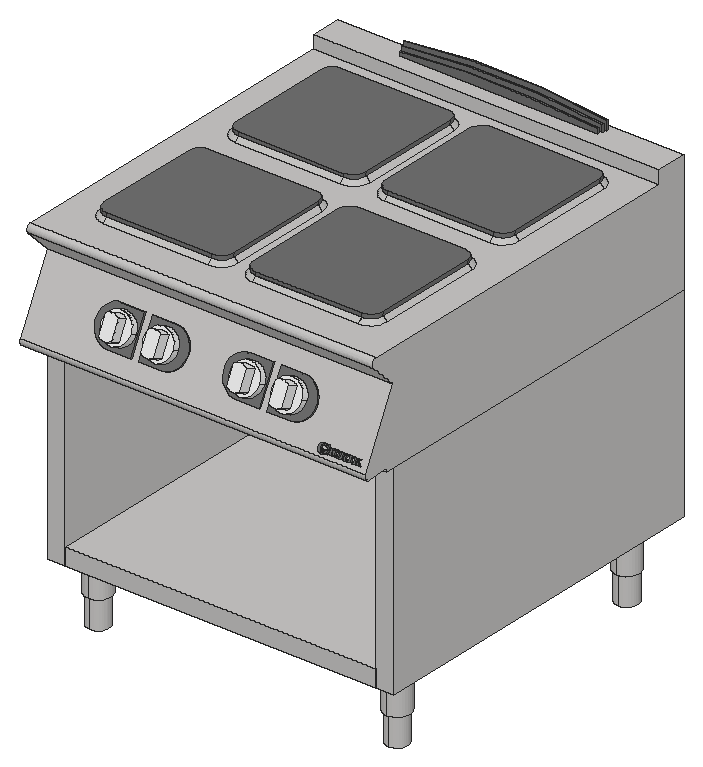
Revit family "QF_GIORIK_CE94QG", category Specialty Equipment, Revit 2014
Parameters (values of type "CE94QG")
  Weight in Pounds = 253.5313
  Watts = 16000 W
  Volts = 400 V
  URL Cutsheet = "www.giorik.com"
  URL = "www.giorik.com"
  Status [instance] = ""
  Specification by User [instance] = ""
  Specification by Manufacturer = ""
  Show Logo [instance] = yes
  Show Clearance [instance] = yes
  Serial Number = ""
  Seismic Rating = ""
  SMACNA No = ""
  Revision Code [instance] = ""
  Phase = 3
  Number of Poles [instance] = 3
  NAFEM Spec ID Number = ""
  Model = "CE94QG"
  Min Ckt Ampacity = 0 A
  Max Overcurrent Protection = 0 A
  Masterspec = ""
  Manufacturer = "GIORIK"
  Item Number [instance] = ""
  Installed By [instance] = ""
  Identify Quantity as Lot [instance] = no
  HP = "21.456320000000"
  Furnished By [instance] = ""
  Foodservice Equipment Identifier [instance] = yes
  FL Amps = 0 A
  Electrical Remarks [instance] = ""
  Electric Connection Type [instance] = ""
  Elec Conn RI Height [instance] = 0 mm
  Elec Conn Connection Height [instance] = 150 mm
  Description = "4 ELECTRIC PLATE HOB ON OPEN BASE UNIT"
  Cycle = 50 Hz
  Conn Plug = ""
  CSI MasterFormat = ""
  Assembly Code = "E1090320"
  Apparent Power = 16000 VA
Reference planes
  plane 1 "Back": y = 0
  plane 2: z = 0
  plane 3 "Left": x = 0
  plane 4 "Right": x = 800
  plane 5 "Front": y = -920
  plane 6 "Top": z = 900
Forms (mm)
  Extrusion 1, solid, visible <- "Show Logo"
    sketch origin (591.604, -936.624, 609.486) x (-1, 0, 0) y (0, 0.452718, 0.891654)
      loop
        line (-118.824, 58.358) -> (-127.804, 58.358) -> (-125.523, 56.445) -> (-125.523, 48.027) -> (-127.804, 46.113) -> (-118.824, 46.113) -> (-121.105, 48.027) -> (-121.105, 56.445) -> (-118.824, 58.358)
      loop
        line (-163.721, 58.358) -> (-172.7, 58.358) -> (-170.42, 56.445) -> (-170.42, 48.027) -> (-172.7, 46.113) -> (-163.721, 46.113) -> (-166.001, 48.027) -> (-166.001, 56.445) -> (-163.721, 58.358)
      loop
        line (-174.332, 58.358) -> (-183.312, 58.358) -> (-181.031, 56.445) -> (-181.031, 52.435) -> (-186.419, 56.955) -> (-184.416, 58.358) -> (-191.268, 58.358) -> (-188.01, 56.839) -> (-185.455, 54.283) -> (-190.846, 47.858) -> (-193.396, 46.93) -> (-193.396, 46.113) -> (-184.416, 46.113) -> (-185.437, 47.571) -> (-182.443, 51.552) -> (-181.031, 50.894) -> (-181.031, 48.027) -> (-183.312, 46.113) -> (-174.332, 46.113) -> (-176.613, 48.027) -> (-176.613, 56.445) -> (-174.332, 58.358)
      loop
        line (-115.429, 62.063) -> (-115.429, 54.198)
        arc (-115.429, 54.198) -> (-111.618, 57.803) -> (-106.847, 59.986) r 16.039
        arc (-106.847, 59.986) -> (-103.314, 59.837) -> (-100.512, 57.68) r 5.851
        arc (-100.512, 57.68) -> (-98.815, 52.267) -> (-100.512, 46.853) r 9.479
        arc (-100.512, 46.853) -> (-102.406, 44.986) -> (-104.846, 43.93) r 7.236
        arc (-104.846, 43.93) -> (-107.728, 44.111) -> (-110.052, 45.825) r 5.11
        line (-110.052, 45.825) -> (-110.052, 52.001) -> (-116.141, 52.001) -> (-116.141, 45.503) -> (-117.893, 43.751) -> (-114.094, 44.769)
        arc (-114.094, 44.769) -> (-112.56, 44.947) -> (-111.129, 44.366) r 3.115
        arc (-111.129, 44.366) -> (-104.216, 42.091) -> (-97.303, 44.366) r 11.641
        arc (-97.303, 44.366) -> (-93.396, 52.107) -> (-97.303, 59.849) r 9.622
        arc (-97.303, 59.849) -> (-104.369, 62.174) -> (-111.435, 59.849) r 11.898
        line (-111.435, 59.849) -> (-115.429, 62.063)
      loop
        arc (-129.234, 56.068) -> (-135.893, 58.628) -> (-142.552, 56.068) r 9.941
        arc (-142.552, 56.068) -> (-144.234, 52.286) -> (-142.552, 48.505) r 5.093
        arc (-142.552, 48.505) -> (-135.893, 45.945) -> (-129.234, 48.505) r 9.941
        arc (-129.234, 48.505) -> (-127.552, 52.286) -> (-129.234, 56.068) r 5.093
      loop
        arc (-132.628, 54.403) -> (-135.893, 57.668) -> (-139.158, 54.403) r 3.265
        line (-139.158, 54.403) -> (-139.158, 50.169)
        arc (-139.158, 50.169) -> (-135.893, 46.904) -> (-132.628, 50.169) r 3.265
        line (-132.628, 50.169) -> (-132.628, 54.403)
      loop
        arc (-156.363, 58.365) -> (-159.647, 55.081) -> (-156.363, 51.796) r 3.285
        line (-156.363, 51.796) -> (-159.529, 47.306) -> (-162.087, 46.113) -> (-155.847, 46.113) -> (-153.529, 51.083) -> (-150.637, 51.083) -> (-150.637, 47.784) -> (-153.022, 46.113) -> (-144.011, 46.113) -> (-146.094, 47.68) -> (-146.094, 56.493) -> (-144.229, 58.365) -> (-156.363, 58.365)
      loop
        line (-150.637, 57.512) -> (-153.637, 57.512)
        arc (-153.637, 57.512) -> (-156.237, 54.912) -> (-153.637, 52.312) r 2.6
        line (-153.637, 52.312) -> (-150.637, 52.312) -> (-150.637, 57.512)
      loop
        line (-108.924, 52.001) -> (-104.936, 49.005) -> (-100.948, 52.001) -> (-108.924, 52.001)
    from 1.5 to -0.5
  Extrusion 2, solid
    sketch origin (-16, 1025.948, 0) x (1, 0, 0) y (0, 1, 0)
      loop
        line (25, -1086.81) -> (25, -1156.81) -> (115, -1156.81) -> (115, -1086.81) -> (25, -1086.81)
    from 148 to 150
  Extrusion 3, solid
    sketch origin (-4, 0.138, 130) x (1, 0, 0) y (0, 1, 0)
      loop
        circle (54, -385) r 12.5
    from 0 to 20
  Extrusion 4, solid
    sketch origin (0, 800.138, -20) x (0, 1, 0) y (0, 0, 1)
      loop
        line (-800.138, 919.988) -> (-870.138, 919.988) -> (-870.138, 889.988) -> (-1688.806, 889.988)
        arc (-1688.806, 889.988) -> (-1699.151, 883.075) -> (-1696.724, 870.873) r 11.197
        line (-1696.724, 870.873) -> (-1640.876, 815.025) -> (-1718.948, 661.258)
        arc (-1718.948, 661.258) -> (-1718.233, 650.105) -> (-1708.118, 645.354) r 10.981
        line (-1708.118, 645.354) -> (-1660, 649.925) -> (-1660, 640) -> (-800.138, 640) -> (-800.138, 919.988)
    from 0 to 800
  Extrusion 5, solid
    sketch origin (0, -199.862, 599.536) x (1, 0, 0) y (0, 1, 0)
      loop
        line (0, -640) -> (40, -640) -> (40, 159.862) -> (760, 159.862) -> (760, -640) -> (800, -640) -> (800, 199.862) -> (0, 199.862) -> (0, -640)
    from -449.536 to 20.464
  Extrusion 6, solid
    sketch origin (0, -199.862, 0) x (1, 0, 0) y (0, 1, 0)
      loop
        line (40, 159.862) -> (40, -640) -> (760, -640) -> (760, 159.862) -> (40, 159.862)
    from 150 to 190
  Extrusion 7, solid
    sketch origin (-16, 360.948, 0) x (1, 0, 0) y (0, 1, 0)
      loop
        line (25, -1086.81) -> (25, -1156.81) -> (115, -1156.81) -> (115, -1086.81) -> (25, -1086.81)
    from 148 to 150
  Revolve 8, solid
    sketch origin (54, 360.948, 0) x (0, 1, 0) y (0, 0, 1)
      loop
        line (-1092.56, 66) -> (-1092.56, 148) -> (-1121.81, 148) -> (-1121.81, 0) -> (-1096.81, 0) -> (-1096.81, 66) -> (-1092.56, 66)
      axis (-1121.81, 0) -> (-1121.81, 148)
    angle from 0 to 360
  Revolve 9, solid
    sketch origin (54, 1025.948, 0) x (0, 1, 0) y (0, 0, 1)
      loop
        line (-1092.56, 66) -> (-1092.56, 148) -> (-1121.81, 148) -> (-1121.81, 0) -> (-1096.81, 0) -> (-1096.81, 66) -> (-1092.56, 66)
      axis (-1121.81, 0) -> (-1121.81, 148)
    angle from 0 to 360
  Extrusion 10, solid
    sketch origin (816, 360.948, 0) x (-1, 0, 0) y (0, -1, 0)
      loop
        line (25, 1086.81) -> (115, 1086.81) -> (115, 1156.81) -> (25, 1156.81) -> (25, 1086.81)
    from 148 to 150
  Revolve 11, solid
    sketch origin (746, 360.948, 0) x (0, 1, 0) y (0, 0, -1)
      loop
        line (-1092.56, -66) -> (-1096.81, -66) -> (-1096.81, 0) -> (-1121.81, 0) -> (-1121.81, -148) -> (-1092.56, -148) -> (-1092.56, -66)
      axis (-1121.81, 0) -> (-1121.81, -148)
    angle from 0 to 360
  Extrusion 12, solid
    sketch origin (816, -1217.672, 0) x (-1, 0, 0) y (0, -1, 0)
      loop
        line (25, -1086.81) -> (25, -1156.81) -> (115, -1156.81) -> (115, -1086.81) -> (25, -1086.81)
    from 148 to 150
  Revolve 13, solid
    sketch origin (746, -1217.672, 0) x (0, -1, 0) y (0, 0, 1)
      loop
        line (-1092.56, 66) -> (-1092.56, 148) -> (-1121.81, 148) -> (-1121.81, 0) -> (-1096.81, 0) -> (-1096.81, 66) -> (-1092.56, 66)
      axis (-1121.81, 0) -> (-1121.81, 148)
    angle from 0 to 360
  Extrusion 14, solid
    sketch origin (-220.755, -1163.208, 52.363) x (1, 0, 0) y (0, 0.452718, 0.891654)
      loop
        line (463.221, 676.25) -> (463.221, 766.25) -> (409.698, 766.25)
        arc (409.698, 766.25) -> (364.698, 721.25) -> (409.698, 676.25) r 45
        line (409.698, 676.25) -> (463.221, 676.25)
    from 48 to 50
  Extrusion 15, solid
    sketch origin (553.797, -1208.559, 74.959) x (-1, 0, 0) y (0, -0.45351, -0.891251)
      loop
        circle (351.331, -721.346) r 35
    from 0 to 15
  Extrusion 16, solid
    sketch origin (553.797, -1208.559, 74.959) x (-1, 0, 0) y (0, -0.45351, -0.891251)
      loop
        arc (336.331, -743.846) -> (351.331, -748.846) -> (366.331, -743.846) r 25
        line (366.331, -743.846) -> (366.331, -698.846)
        arc (366.331, -698.846) -> (351.331, -693.846) -> (336.331, -698.846) r 25
        line (336.331, -698.846) -> (336.331, -743.846)
    from 15 to 40
  Extrusion 17, solid
    sketch origin (723.221, -1163.208, 52.363) x (-1, 0, 0) y (0, -0.452718, -0.891654)
      loop
        line (463.221, -676.25) -> (409.698, -676.25)
        arc (409.698, -676.25) -> (364.698, -721.25) -> (409.698, -766.25) r 45
        line (409.698, -766.25) -> (463.221, -766.25) -> (463.221, -676.25)
    from 48 to 50
  Extrusion 18, solid
    sketch origin (-51.331, -1208.559, 74.959) x (1, 0, 0) y (0, 0.45351, 0.891251)
      loop
        circle (351.331, 721.346) r 35
    from 0 to 15
  Extrusion 19, solid
    sketch origin (-51.331, -1208.559, 74.959) x (1, 0, 0) y (0, 0.45351, 0.891251)
      loop
        line (336.331, 743.846) -> (336.331, 698.846)
        arc (336.331, 698.846) -> (351.331, 693.846) -> (366.331, 698.846) r 25
        line (366.331, 698.846) -> (366.331, 743.846)
        arc (366.331, 743.846) -> (351.331, 748.846) -> (336.331, 743.846) r 25
    from 15 to 40
  Extrusion 20, solid
    sketch origin (76.779, -1163.208, 52.363) x (1, 0, 0) y (0, 0.452718, 0.891654)
      loop
        line (463.221, 676.25) -> (463.221, 766.25) -> (409.698, 766.25)
        arc (409.698, 766.25) -> (364.698, 721.25) -> (409.698, 676.25) r 45
        line (409.698, 676.25) -> (463.221, 676.25)
    from 48 to 50
  Extrusion 21, solid
    sketch origin (851.331, -1208.559, 74.959) x (-1, 0, 0) y (0, -0.45351, -0.891251)
      loop
        circle (351.331, -721.346) r 35
    from 0 to 15
  Extrusion 22, solid
    sketch origin (851.331, -1208.559, 74.959) x (-1, 0, 0) y (0, -0.45351, -0.891251)
      loop
        arc (336.331, -743.846) -> (351.331, -748.846) -> (366.331, -743.846) r 25
        line (366.331, -743.846) -> (366.331, -698.846)
        arc (366.331, -698.846) -> (351.331, -693.846) -> (336.331, -698.846) r 25
        line (336.331, -698.846) -> (336.331, -743.846)
    from 15 to 40
  Extrusion 23, solid
    sketch origin (1020.755, -1163.208, 52.363) x (-1, 0, 0) y (0, -0.452718, -0.891654)
      loop
        line (463.221, -676.25) -> (409.698, -676.25)
        arc (409.698, -676.25) -> (364.698, -721.25) -> (409.698, -766.25) r 45
        line (409.698, -766.25) -> (463.221, -766.25) -> (463.221, -676.25)
    from 48 to 50
  Extrusion 24, solid
    sketch origin (246.203, -1208.559, 74.959) x (1, 0, 0) y (0, 0.45351, 0.891251)
      loop
        circle (351.331, 721.346) r 35
    from 0 to 15
  Extrusion 25, solid
    sketch origin (246.203, -1208.559, 74.959) x (1, 0, 0) y (0, 0.45351, 0.891251)
      loop
        line (336.331, 743.846) -> (336.331, 698.846)
        arc (336.331, 698.846) -> (351.331, 693.846) -> (366.331, 698.846) r 25
        line (366.331, 698.846) -> (366.331, 743.846)
        arc (366.331, 743.846) -> (351.331, 748.846) -> (336.331, 743.846) r 25
    from 15 to 40
  Extrusion 26, solid
    sketch origin (36.031, 0, -10.001) x (1, 0, 0) y (0, 0, 1)
      loop
        line (135, 909.989) -> (592.969, 909.989) -> (592.969, 919.989) -> (440.969, 929.989) -> (287, 929.989) -> (135, 919.989) -> (135, 909.989)
    from 32 to 35
  Extrusion 27, solid
    sketch origin (38, 10, -10.001) x (1, 0, 0) y (0, 0, 1)
      loop
        line (594, 909.989) -> (594, 924.989) -> (440, 937.489) -> (284, 937.489) -> (130, 925.001) -> (130, 909.989) -> (594, 909.989)
    from 32 to 35
  Extrusion 28, solid
    sketch origin (40, 20, -10.001) x (1, 0, 0) y (0, 0, 1)
      loop
        line (595, 909.989) -> (595, 930.001) -> (439, 945.258) -> (281, 945.258) -> (125, 929.989) -> (125, 909.989) -> (595, 909.989)
    from 32 to 35
  Extrusion 29, solid
    sketch origin (37, 2.638, 864.988) x (0, 1, 0) y (-1, 0, 0)
      loop
        arc (-121.5, -68) -> (-129.701, -48.201) -> (-149.5, -40) r 28
        line (-149.5, -40) -> (-393.5, -40)
        arc (-393.5, -40) -> (-413.299, -48.201) -> (-421.5, -68) r 28
        line (-421.5, -68) -> (-421.5, -311.998)
        arc (-421.5, -311.998) -> (-413.299, -331.797) -> (-393.5, -339.998) r 28
        line (-393.5, -339.998) -> (-149.5, -339.998)
        arc (-149.5, -339.998) -> (-129.701, -331.797) -> (-121.5, -311.998) r 28
        line (-121.5, -311.998) -> (-121.5, -68)
    from 23 to 15
  Blend 30, solid
    base sketch origin (781.36, -819.867, 869.988) x (0, 1, 0) y (-1, 0, 0)
      loop
        arc (710.004, 676.36) -> (699.167, 702.523) -> (673.004, 713.36) r 37
        line (673.004, 713.36) -> (429.004, 713.36)
        arc (429.004, 713.36) -> (402.841, 702.523) -> (392.004, 676.36) r 37
        line (392.004, 676.36) -> (392.004, 432.362)
        arc (392.004, 432.362) -> (402.841, 406.199) -> (429.004, 395.362) r 37
        line (429.004, 395.362) -> (673.004, 395.362)
        arc (673.004, 395.362) -> (699.167, 406.199) -> (710.004, 432.362) r 37
        line (710.004, 432.362) -> (710.004, 676.36)
    top sketch origin (781.36, -819.867, 900) x (0, 1, 0) y (-1, 0, 0)
      loop
        arc (701.004, 676.36) -> (692.803, 696.159) -> (673.004, 704.36) r 28
        line (673.004, 704.36) -> (429.004, 704.36)
        arc (429.004, 704.36) -> (409.205, 696.159) -> (401.004, 676.36) r 28
        line (401.004, 676.36) -> (401.004, 432.362)
        arc (401.004, 432.362) -> (409.205, 412.563) -> (429.004, 404.362) r 28
        line (429.004, 404.362) -> (673.004, 404.362)
        arc (673.004, 404.362) -> (692.803, 412.563) -> (701.004, 432.362) r 28
        line (701.004, 432.362) -> (701.004, 676.36)
    from 0 to -20.012
  Extrusion 31, solid
    sketch origin (37, -922.362, 864.988) x (0, -1, 0) y (1, 0, 0)
      loop
        line (-121.5, 68) -> (-121.5, 311.998)
        arc (-121.5, 311.998) -> (-129.701, 331.797) -> (-149.5, 339.998) r 28
        line (-149.5, 339.998) -> (-393.5, 339.998)
        arc (-393.5, 339.998) -> (-413.299, 331.797) -> (-421.5, 311.998) r 28
        line (-421.5, 311.998) -> (-421.5, 68)
        arc (-421.5, 68) -> (-413.299, 48.201) -> (-393.5, 40) r 28
        line (-393.5, 40) -> (-149.5, 40)
        arc (-149.5, 40) -> (-129.701, 48.201) -> (-121.5, 68) r 28
    from 23 to 15
  Blend 32, solid
    base sketch origin (781.36, -99.858, 869.988) x (0, -1, 0) y (1, 0, 0)
      loop
        line (710.004, -676.36) -> (710.004, -432.362)
        arc (710.004, -432.362) -> (699.167, -406.199) -> (673.004, -395.362) r 37
        line (673.004, -395.362) -> (429.004, -395.362)
        arc (429.004, -395.362) -> (402.841, -406.199) -> (392.004, -432.362) r 37
        line (392.004, -432.362) -> (392.004, -676.36)
        arc (392.004, -676.36) -> (402.841, -702.523) -> (429.004, -713.36) r 37
        line (429.004, -713.36) -> (673.004, -713.36)
        arc (673.004, -713.36) -> (699.167, -702.523) -> (710.004, -676.36) r 37
    top sketch origin (781.36, -99.858, 900) x (0, -1, 0) y (1, 0, 0)
      loop
        line (701.004, -676.36) -> (701.004, -432.362)
        arc (701.004, -432.362) -> (692.803, -412.563) -> (673.004, -404.362) r 28
        line (673.004, -404.362) -> (429.004, -404.362)
        arc (429.004, -404.362) -> (409.205, -412.563) -> (401.004, -432.362) r 28
        line (401.004, -432.362) -> (401.004, -676.36)
        arc (401.004, -676.36) -> (409.205, -696.159) -> (429.004, -704.36) r 28
        line (429.004, -704.36) -> (673.004, -704.36)
        arc (673.004, -704.36) -> (692.803, -696.159) -> (701.004, -676.36) r 28
    from 0 to -20.012
  Extrusion 33, solid
    sketch origin (763, 2.638, 864.988) x (0, 1, 0) y (-1, 0, 0)
      loop
        line (-121.5, 68) -> (-121.5, 311.998)
        arc (-121.5, 311.998) -> (-129.701, 331.797) -> (-149.5, 339.998) r 28
        line (-149.5, 339.998) -> (-393.5, 339.998)
        arc (-393.5, 339.998) -> (-413.299, 331.797) -> (-421.5, 311.998) r 28
        line (-421.5, 311.998) -> (-421.5, 68)
        arc (-421.5, 68) -> (-413.299, 48.201) -> (-393.5, 40) r 28
        line (-393.5, 40) -> (-149.5, 40)
        arc (-149.5, 40) -> (-129.701, 48.201) -> (-121.5, 68) r 28
    from 23 to 15
  Blend 34, solid
    base sketch origin (18.64, -819.867, 869.988) x (0, 1, 0) y (-1, 0, 0)
      loop
        line (710.004, -676.36) -> (710.004, -432.362)
        arc (710.004, -432.362) -> (699.167, -406.199) -> (673.004, -395.362) r 37
        line (673.004, -395.362) -> (429.004, -395.362)
        arc (429.004, -395.362) -> (402.841, -406.199) -> (392.004, -432.362) r 37
        line (392.004, -432.362) -> (392.004, -676.36)
        arc (392.004, -676.36) -> (402.841, -702.523) -> (429.004, -713.36) r 37
        line (429.004, -713.36) -> (673.004, -713.36)
        arc (673.004, -713.36) -> (699.167, -702.523) -> (710.004, -676.36) r 37
    top sketch origin (18.64, -819.867, 900) x (0, 1, 0) y (-1, 0, 0)
      loop
        line (701.004, -676.36) -> (701.004, -432.362)
        arc (701.004, -432.362) -> (692.803, -412.563) -> (673.004, -404.362) r 28
        line (673.004, -404.362) -> (429.004, -404.362)
        arc (429.004, -404.362) -> (409.205, -412.563) -> (401.004, -432.362) r 28
        line (401.004, -432.362) -> (401.004, -676.36)
        arc (401.004, -676.36) -> (409.205, -696.159) -> (429.004, -704.36) r 28
        line (429.004, -704.36) -> (673.004, -704.36)
        arc (673.004, -704.36) -> (692.803, -696.159) -> (701.004, -676.36) r 28
    from 0 to -20.012
  Extrusion 35, solid
    sketch origin (763, -922.362, 864.988) x (0, -1, 0) y (1, 0, 0)
      loop
        arc (-121.5, -68) -> (-129.701, -48.201) -> (-149.5, -40) r 28
        line (-149.5, -40) -> (-393.5, -40)
        arc (-393.5, -40) -> (-413.299, -48.201) -> (-421.5, -68) r 28
        line (-421.5, -68) -> (-421.5, -311.998)
        arc (-421.5, -311.998) -> (-413.299, -331.797) -> (-393.5, -339.998) r 28
        line (-393.5, -339.998) -> (-149.5, -339.998)
        arc (-149.5, -339.998) -> (-129.701, -331.797) -> (-121.5, -311.998) r 28
        line (-121.5, -311.998) -> (-121.5, -68)
    from 23 to 15
  Blend 36, solid
    base sketch origin (18.64, -99.858, 869.988) x (0, -1, 0) y (1, 0, 0)
      loop
        arc (710.004, 676.36) -> (699.167, 702.523) -> (673.004, 713.36) r 37
        line (673.004, 713.36) -> (429.004, 713.36)
        arc (429.004, 713.36) -> (402.841, 702.523) -> (392.004, 676.36) r 37
        line (392.004, 676.36) -> (392.004, 432.362)
        arc (392.004, 432.362) -> (402.841, 406.199) -> (429.004, 395.362) r 37
        line (429.004, 395.362) -> (673.004, 395.362)
        arc (673.004, 395.362) -> (699.167, 406.199) -> (710.004, 432.362) r 37
        line (710.004, 432.362) -> (710.004, 676.36)
    top sketch origin (18.64, -99.858, 900) x (0, -1, 0) y (1, 0, 0)
      loop
        arc (701.004, 676.36) -> (692.803, 696.159) -> (673.004, 704.36) r 28
        line (673.004, 704.36) -> (429.004, 704.36)
        arc (429.004, 704.36) -> (409.205, 696.159) -> (401.004, 676.36) r 28
        line (401.004, 676.36) -> (401.004, 432.362)
        arc (401.004, 432.362) -> (409.205, 412.563) -> (429.004, 404.362) r 28
        line (429.004, 404.362) -> (673.004, 404.362)
        arc (673.004, 404.362) -> (692.803, 412.563) -> (701.004, 432.362) r 28
        line (701.004, 432.362) -> (701.004, 676.36)
    from 0 to -20.012
Lines and regions (mm)
  symbolic lines, style "200-EquipBorder-2D"
    curve 1: line (0, -920, 0) -> (800, -920, 0)
    curve 2: line (800, -920, 0) -> (800, 0, 0)
    curve 3: line (800, 0, 0) -> (0, 0, 0)
    curve 4: line (0, 0, 0) -> (0, -920, 0)
    curve 82: line (187.465, -927.276, 900) -> (187.465, -920, 900)
    curve 83: line (217.465, -927.276, 900) -> (217.465, -920, 900)
    curve 84: line (315, -927.276, 900) -> (315, -920, 900)
    curve 85: line (285, -927.276, 900) -> (285, -920, 900)
    curve 86: line (485, -927.276, 900) -> (485, -920, 900)
    curve 87: line (612.535, -927.276, 900) -> (612.535, -920, 900)
    curve 88: line (582.535, -927.276, 900) -> (582.535, -920, 900)
    curve 89: line (515, -927.276, 900) -> (515, -920, 900)
    curve 90: arc (612.535, -927.276, 900) -> (597.535, -929.92, 900) -> (582.535, -927.276, 900) r 43.861
    curve 91: arc (515, -927.276, 900) -> (500, -929.669, 900) -> (485, -927.276, 900) r 48.202
    curve 92: arc (285, -927.276, 900) -> (300, -929.664, 900) -> (315, -927.276, 900) r 48.291
    curve 93: arc (217.465, -927.276, 900) -> (202.465, -929.257, 900) -> (187.465, -927.276, 900) r 57.774
  symbolic lines, style "200-EquipInternal-2D"
    curve 5: line (0, -70, 900) -> (800, -70, 900)
    curve 6: line (165, -12, 900) -> (635, -12, 900)
    curve 7: line (635, -12, 900) -> (635, -15, 900)
    curve 8: line (635, -15, 900) -> (165, -15, 900)
    curve 9: line (165, -15, 900) -> (165, -12, 900)
    curve 10: line (168, -22, 900) -> (632, -22, 900)
    curve 11: line (632, -22, 900) -> (632, -25, 900)
    curve 12: line (632, -25, 900) -> (168, -25, 900)
    curve 13: line (168, -25, 900) -> (168, -22, 900)
    curve 14: line (171.031, -32, 900) -> (629, -32, 900)
    curve 15: line (629, -32, 900) -> (629, -35, 900)
    curve 16: line (629, -35, 900) -> (171.031, -35, 900)
    curve 17: line (171.031, -35, 900) -> (171.031, -32, 900)
    curve 18: arc (68, -146.862, 900) -> (78.837, -120.699, 900) -> (105, -109.862, 900) r 37
    curve 19: arc (105, -118.862, 900) -> (85.201, -127.063, 900) -> (77, -146.862, 900) r 28
    curve 20: line (105, -109.862, 900) -> (348.998, -109.862, 900)
    curve 21: line (348.998, -118.862, 900) -> (105, -118.862, 900)
    curve 22: line (68, -390.862, 900) -> (68, -146.862, 900)
    curve 23: line (77, -146.862, 900) -> (77, -390.862, 900)
    curve 24: arc (105, -427.862, 900) -> (78.837, -417.025, 900) -> (68, -390.862, 900) r 37
    curve 25: arc (77, -390.862, 900) -> (85.201, -410.661, 900) -> (105, -418.862, 900) r 28
    curve 26: line (348.998, -427.862, 900) -> (105, -427.862, 900)
    curve 27: line (105, -418.862, 900) -> (348.998, -418.862, 900)
    curve 28: arc (385.998, -390.862, 900) -> (375.161, -417.025, 900) -> (348.998, -427.862, 900) r 37
    curve 29: line (376.998, -390.862, 900) -> (376.998, -146.862, 900)
    curve 30: arc (348.998, -418.862, 900) -> (368.797, -410.661, 900) -> (376.998, -390.862, 900) r 28
    curve 31: line (385.998, -146.862, 900) -> (385.998, -390.862, 900)
    curve 32: arc (348.998, -109.862, 900) -> (375.161, -120.699, 900) -> (385.998, -146.862, 900) r 37
    curve 33: arc (376.998, -146.862, 900) -> (368.797, -127.063, 900) -> (348.998, -118.862, 900) r 28
    curve 34: line (414.002, -390.862, 900) -> (414.002, -146.862, 900)
    curve 35: line (423.002, -146.862, 900) -> (423.002, -390.862, 900)
    curve 36: arc (414.002, -146.862, 900) -> (424.839, -120.699, 900) -> (451.002, -109.862, 900) r 37
    curve 37: arc (451.002, -118.862, 900) -> (431.203, -127.063, 900) -> (423.002, -146.862, 900) r 28
    curve 38: line (451.002, -109.862, 900) -> (695, -109.862, 900)
    curve 39: line (695, -118.862, 900) -> (451.002, -118.862, 900)
    curve 40: arc (695, -109.862, 900) -> (721.163, -120.699, 900) -> (732, -146.862, 900) r 37
    curve 41: arc (723, -146.862, 900) -> (714.799, -127.063, 900) -> (695, -118.862, 900) r 28
    curve 42: line (732, -146.862, 900) -> (732, -390.862, 900)
    curve 43: line (723, -390.862, 900) -> (723, -146.862, 900)
    curve 44: arc (695, -418.862, 900) -> (714.799, -410.661, 900) -> (723, -390.862, 900) r 28
    curve 45: arc (732, -390.862, 900) -> (721.163, -417.025, 900) -> (695, -427.862, 900) r 37
    curve 46: line (451.002, -418.862, 900) -> (695, -418.862, 900)
    curve 47: line (695, -427.862, 900) -> (451.002, -427.862, 900)
    curve 48: arc (423.002, -390.862, 900) -> (431.203, -410.661, 900) -> (451.002, -418.862, 900) r 28
    curve 49: arc (451.002, -427.862, 900) -> (424.839, -417.025, 900) -> (414.002, -390.862, 900) r 37
    curve 50: line (77, -528.862, 900) -> (77, -772.862, 900)
    curve 51: line (68, -772.862, 900) -> (68, -528.862, 900)
    curve 52: line (105, -800.862, 900) -> (348.998, -800.862, 900)
    curve 53: line (385.998, -528.862, 900) -> (385.998, -772.862, 900)
    curve 54: line (376.998, -772.862, 900) -> (376.998, -528.862, 900)
    curve 55: line (105, -491.862, 900) -> (348.998, -491.862, 900)
    curve 56: line (348.998, -500.862, 900) -> (105, -500.862, 900)
    curve 57: line (695, -500.862, 900) -> (451.002, -500.862, 900)
    curve 58: line (451.002, -491.862, 900) -> (695, -491.862, 900)
    curve 59: line (414.002, -772.862, 900) -> (414.002, -528.862, 900)
    curve 60: line (423.002, -528.862, 900) -> (423.002, -772.862, 900)
    curve 61: line (695, -809.862, 900) -> (451.002, -809.862, 900)
    curve 62: line (451.002, -800.862, 900) -> (695, -800.862, 900)
    curve 63: line (348.998, -809.862, 900) -> (105, -809.862, 900)
    curve 64: arc (348.998, -800.862, 900) -> (368.797, -792.661, 900) -> (376.998, -772.862, 900) r 28
    curve 65: arc (732, -772.862, 900) -> (721.163, -799.025, 900) -> (695, -809.862, 900) r 37
    curve 66: line (732, -528.862, 900) -> (732, -772.862, 900)
    curve 67: line (723, -772.862, 900) -> (723, -528.862, 900)
    curve 68: arc (695, -491.862, 900) -> (721.163, -502.699, 900) -> (732, -528.862, 900) r 37
    curve 69: arc (414.002, -528.862, 900) -> (424.839, -502.699, 900) -> (451.002, -491.862, 900) r 37
    curve 70: arc (423.002, -772.862, 900) -> (431.203, -792.661, 900) -> (451.002, -800.862, 900) r 28
    curve 71: arc (695, -800.862, 900) -> (714.799, -792.661, 900) -> (723, -772.862, 900) r 28
    curve 72: arc (723, -528.862, 900) -> (714.799, -509.063, 900) -> (695, -500.862, 900) r 28
    curve 73: arc (451.002, -500.862, 900) -> (431.203, -509.063, 900) -> (423.002, -528.862, 900) r 28
    curve 74: arc (451.002, -809.862, 900) -> (424.839, -799.025, 900) -> (414.002, -772.862, 900) r 37
    curve 75: arc (348.998, -491.862, 900) -> (375.161, -502.699, 900) -> (385.998, -528.862, 900) r 37
    curve 76: arc (68, -528.862, 900) -> (78.837, -502.699, 900) -> (105, -491.862, 900) r 37
    curve 77: arc (77, -772.862, 900) -> (85.201, -792.661, 900) -> (105, -800.862, 900) r 28
    curve 78: arc (385.998, -772.862, 900) -> (375.161, -799.025, 900) -> (348.998, -809.862, 900) r 37
    curve 79: arc (376.998, -528.862, 900) -> (368.797, -509.063, 900) -> (348.998, -500.862, 900) r 28
    curve 80: arc (105, -500.862, 900) -> (85.201, -509.063, 900) -> (77, -528.862, 900) r 28
    curve 81: arc (105, -809.862, 900) -> (78.837, -799.025, 900) -> (68, -772.862, 900) r 37
Dimensions and locks
  plane 3 "Left" to plane 4 "Right" = 800 mm
  plane 5 "Front" to plane 1 "Back" = 920 mm
  plane 4 "Right" to plane 3 "Left" = 800 mm
  plane 1 "Back" to plane 5 "Front" = 920 mm
  plane 6 "Top" to level = 900 mm  (x2)
  aligned and locked: level to plane 2
Connectors
  electrical at (50, -384.862, 130), driven by "Apparent Power", driven by "Volts", driven by "Number of Poles"
    settings: on Extrusion 3, index 1, voltage 400 V, apparent load 0 VA, apparent load phase1 16000 VA, apparent load phase2 0 VA, apparent load phase3 0 VA, power factor 1, load classification "Other", number of poles 3, system type 31, power factor state 1, is connector primary yes, connector utility no, sub classification motor no, connector description "Electrical connection"
